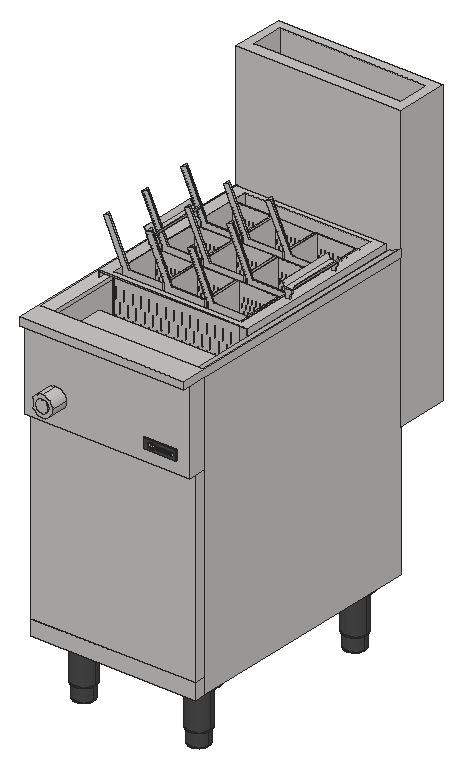
Revit family "RVT_MACOM_CZ71C-AN_AG 12 23 B", category Specialty Equipment, Revit 2020 (continued)
Definition of nested family "LOGOTIPO MACON"
  Forms (mm)
    Extrusion 3, solid
      sketch origin (24.652, 4.488, 0.011) x (-1, 0, 0) y (0, -0.000061, -1)
        loop
          line (51.28, -9.173) -> (49.828, -17.406)
          arc (49.828, -17.406) -> (53.465, -13.803) -> (51.28, -9.173) r 4.434
        loop
          arc (48.733, -7.616) -> (47.997, -7.316) -> (47.203, -7.346) r 1.888
          line (47.203, -7.346) -> (45.757, -15.549)
          arc (45.757, -15.549) -> (46.402, -15.886) -> (47.047, -15.549) r 0.786
          line (47.047, -15.549) -> (48.733, -7.616)
        loop
          arc (44.32, -6.837) -> (43.579, -6.926) -> (42.893, -7.22) r 2.628
          line (42.893, -7.22) -> (41.1, -15.655)
          arc (41.1, -15.655) -> (41.933, -16) -> (42.765, -15.655) r 1.178
          line (42.765, -15.655) -> (44.32, -6.837)
        loop
          arc (39.538, -8.212) -> (36.053, -11.76) -> (38.114, -16.286) r 4.392
          line (38.114, -16.286) -> (39.538, -8.212)
        loop
          spline (55.059, -12.773) -> (54.705, -11.079) -> (53.667, -9.501) -> (52.017, -8.146) -> (49.866, -7.106) -> (47.361, -6.452) -> (44.673, -6.229) -> (41.985, -6.452) -> (39.48, -7.106) -> (37.329, -8.146) -> (35.678, -9.501) -> (34.641, -11.079) -> (34.287, -12.773)
          spline (34.287, -12.773) -> (34.641, -14.466) -> (35.678, -16.045) -> (37.329, -17.4) -> (39.48, -18.44) -> (41.985, -19.094) -> (44.673, -19.317) -> (47.361, -19.094) -> (49.866, -18.44) -> (52.017, -17.4) -> (53.667, -16.045) -> (54.705, -14.466) -> (55.059, -12.773)
      from 6.289 to 6.977
  Dimensions and locks
    aligned and locked: level to plane 2
Definition of nested family "CESTO_MENOR_COZEDOR"
  Parameters
    Default Elevation = 0.000 mm
  Reference planes
    plane 1 "Center (Front/Back)": y = 0
    plane 2: z = 0
    plane 3 "Center (Left/Right)": x = 0
    plane 4: x = -50.5
  Forms (mm)
    Extrusion 1, solid
      sketch origin (0, 0, 0) x (1, 0, 0) y (0, 1, 0)
        loop
          line (-49, 49) -> (-49, -49) -> (49, -49) -> (49, 49) -> (-49, 49)
        loop
          line (-47.5, 47.5) -> (-47.5, -47.5) -> (47.5, -47.5) -> (47.5, 47.5) -> (-47.5, 47.5)
      from 0 to 187
    Extrusion 2, solid
      sketch origin (0, 0, 0) x (0, 1, 0) y (0, 0, 1)
        loop
          line (-47.5, 0) -> (47.5, 0) -> (47.5, 1.5) -> (-47.5, 1.5) -> (-47.5, 0)
      from -47.5 to 47.5
    Extrusion 3, solid
      sketch origin (-100.479, -49, -43.337) x (0.906308, 0, 0.422618) y (0, 1, 0)
        loop
          line (144, 0) -> (159, 0) -> (159, 1.5) -> (145.5, 1.5) -> (145.5, 15.75) -> (144, 15.75) -> (144, 0)
      from 187 to 295.558
    Extrusion 4, solid
      sketch origin (0, 0, 0) x (1, 0, 0) y (0, 0, 1)
        loop
          line (-49, 187) -> (-32.449, 187) -> (-35.405, 193.339) -> (-49, 187)
      from 47.5 to 49
    Extrusion 5, void
      sketch origin (0, 0, 0) x (1, 0, 0) y (0, 0, 1)
        loop
          line (-40.5, 11.5) -> (-40.5, 21.5) -> (-42.5, 21.5) -> (-42.5, 11.5) -> (-40.5, 11.5)
        loop
          line (-30.5, 21.5) -> (-32.5, 21.5) -> (-32.5, 11.5) -> (-30.5, 11.5) -> (-30.5, 21.5)
        loop
          line (-20.5, 21.5) -> (-22.5, 21.5) -> (-22.5, 11.5) -> (-20.5, 11.5) -> (-20.5, 21.5)
        loop
          line (-10.5, 11.5) -> (-10.5, 21.5) -> (-12.5, 21.5) -> (-12.5, 11.5) -> (-10.5, 11.5)
        loop
          line (-0.5, 21.5) -> (-2.5, 21.5) -> (-2.5, 11.5) -> (-0.5, 11.5) -> (-0.5, 21.5)
        loop
          line (9.5, 21.5) -> (7.5, 21.5) -> (7.5, 11.5) -> (9.5, 11.5) -> (9.5, 21.5)
        loop
          line (19.5, 11.5) -> (19.5, 21.5) -> (17.5, 21.5) -> (17.5, 11.5) -> (19.5, 11.5)
        loop
          line (29.5, 21.5) -> (27.5, 21.5) -> (27.5, 11.5) -> (29.5, 11.5) -> (29.5, 21.5)
        loop
          line (39.5, 21.5) -> (37.5, 21.5) -> (37.5, 11.5) -> (39.5, 11.5) -> (39.5, 21.5)
        loop
          line (-35.5, 26.5) -> (-35.5, 36.5) -> (-37.5, 36.5) -> (-37.5, 26.5) -> (-35.5, 26.5)
        loop
          line (-25.5, 36.5) -> (-27.5, 36.5) -> (-27.5, 26.5) -> (-25.5, 26.5) -> (-25.5, 36.5)
        loop
          line (-15.5, 36.5) -> (-17.5, 36.5) -> (-17.5, 26.5) -> (-15.5, 26.5) -> (-15.5, 36.5)
        loop
          line (-5.5, 26.5) -> (-5.5, 36.5) -> (-7.5, 36.5) -> (-7.5, 26.5) -> (-5.5, 26.5)
        loop
          line (4.5, 36.5) -> (2.5, 36.5) -> (2.5, 26.5) -> (4.5, 26.5) -> (4.5, 36.5)
        loop
          line (14.5, 36.5) -> (12.5, 36.5) -> (12.5, 26.5) -> (14.5, 26.5) -> (14.5, 36.5)
        loop
          line (24.5, 26.5) -> (24.5, 36.5) -> (22.5, 36.5) -> (22.5, 26.5) -> (24.5, 26.5)
        loop
          line (34.5, 36.5) -> (32.5, 36.5) -> (32.5, 26.5) -> (34.5, 26.5) -> (34.5, 36.5)
        loop
          line (44.5, 36.5) -> (42.5, 36.5) -> (42.5, 26.5) -> (44.5, 26.5) -> (44.5, 36.5)
        loop
          line (-40.5, 41.5) -> (-40.5, 51.5) -> (-42.5, 51.5) -> (-42.5, 41.5) -> (-40.5, 41.5)
        loop
          line (-30.5, 51.5) -> (-32.5, 51.5) -> (-32.5, 41.5) -> (-30.5, 41.5) -> (-30.5, 51.5)
        loop
          line (-20.5, 51.5) -> (-22.5, 51.5) -> (-22.5, 41.5) -> (-20.5, 41.5) -> (-20.5, 51.5)
        loop
          line (-10.5, 41.5) -> (-10.5, 51.5) -> (-12.5, 51.5) -> (-12.5, 41.5) -> (-10.5, 41.5)
        loop
          line (-0.5, 51.5) -> (-2.5, 51.5) -> (-2.5, 41.5) -> (-0.5, 41.5) -> (-0.5, 51.5)
        loop
          line (9.5, 51.5) -> (7.5, 51.5) -> (7.5, 41.5) -> (9.5, 41.5) -> (9.5, 51.5)
        loop
          line (19.5, 41.5) -> (19.5, 51.5) -> (17.5, 51.5) -> (17.5, 41.5) -> (19.5, 41.5)
        loop
          line (29.5, 51.5) -> (27.5, 51.5) -> (27.5, 41.5) -> (29.5, 41.5) -> (29.5, 51.5)
        loop
          line (39.5, 51.5) -> (37.5, 51.5) -> (37.5, 41.5) -> (39.5, 41.5) -> (39.5, 51.5)
        loop
          line (-35.5, 56.5) -> (-35.5, 66.5) -> (-37.5, 66.5) -> (-37.5, 56.5) -> (-35.5, 56.5)
        loop
          line (-25.5, 66.5) -> (-27.5, 66.5) -> (-27.5, 56.5) -> (-25.5, 56.5) -> (-25.5, 66.5)
        loop
          line (-15.5, 66.5) -> (-17.5, 66.5) -> (-17.5, 56.5) -> (-15.5, 56.5) -> (-15.5, 66.5)
        loop
          line (-5.5, 56.5) -> (-5.5, 66.5) -> (-7.5, 66.5) -> (-7.5, 56.5) -> (-5.5, 56.5)
        loop
          line (4.5, 66.5) -> (2.5, 66.5) -> (2.5, 56.5) -> (4.5, 56.5) -> (4.5, 66.5)
        loop
          line (14.5, 66.5) -> (12.5, 66.5) -> (12.5, 56.5) -> (14.5, 56.5) -> (14.5, 66.5)
        loop
          line (24.5, 56.5) -> (24.5, 66.5) -> (22.5, 66.5) -> (22.5, 56.5) -> (24.5, 56.5)
        loop
          line (34.5, 66.5) -> (32.5, 66.5) -> (32.5, 56.5) -> (34.5, 56.5) -> (34.5, 66.5)
        loop
          line (44.5, 66.5) -> (42.5, 66.5) -> (42.5, 56.5) -> (44.5, 56.5) -> (44.5, 66.5)
        loop
          line (-40.5, 71.5) -> (-40.5, 81.5) -> (-42.5, 81.5) -> (-42.5, 71.5) -> (-40.5, 71.5)
        loop
          line (-30.5, 81.5) -> (-32.5, 81.5) -> (-32.5, 71.5) -> (-30.5, 71.5) -> (-30.5, 81.5)
        loop
          line (-20.5, 81.5) -> (-22.5, 81.5) -> (-22.5, 71.5) -> (-20.5, 71.5) -> (-20.5, 81.5)
        loop
          line (-10.5, 71.5) -> (-10.5, 81.5) -> (-12.5, 81.5) -> (-12.5, 71.5) -> (-10.5, 71.5)
        loop
          line (-0.5, 81.5) -> (-2.5, 81.5) -> (-2.5, 71.5) -> (-0.5, 71.5) -> (-0.5, 81.5)
        loop
          line (9.5, 81.5) -> (7.5, 81.5) -> (7.5, 71.5) -> (9.5, 71.5) -> (9.5, 81.5)
        loop
          line (19.5, 71.5) -> (19.5, 81.5) -> (17.5, 81.5) -> (17.5, 71.5) -> (19.5, 71.5)
        loop
          line (29.5, 81.5) -> (27.5, 81.5) -> (27.5, 71.5) -> (29.5, 71.5) -> (29.5, 81.5)
        loop
          line (39.5, 81.5) -> (37.5, 81.5) -> (37.5, 71.5) -> (39.5, 71.5) -> (39.5, 81.5)
        loop
          line (-35.5, 86.5) -> (-35.5, 96.5) -> (-37.5, 96.5) -> (-37.5, 86.5) -> (-35.5, 86.5)
        loop
          line (-25.5, 96.5) -> (-27.5, 96.5) -> (-27.5, 86.5) -> (-25.5, 86.5) -> (-25.5, 96.5)
        loop
          line (-15.5, 96.5) -> (-17.5, 96.5) -> (-17.5, 86.5) -> (-15.5, 86.5) -> (-15.5, 96.5)
        loop
          line (-5.5, 86.5) -> (-5.5, 96.5) -> (-7.5, 96.5) -> (-7.5, 86.5) -> (-5.5, 86.5)
        loop
          line (4.5, 96.5) -> (2.5, 96.5) -> (2.5, 86.5) -> (4.5, 86.5) -> (4.5, 96.5)
        loop
          line (14.5, 96.5) -> (12.5, 96.5) -> (12.5, 86.5) -> (14.5, 86.5) -> (14.5, 96.5)
        loop
          line (24.5, 86.5) -> (24.5, 96.5) -> (22.5, 96.5) -> (22.5, 86.5) -> (24.5, 86.5)
        loop
          line (34.5, 96.5) -> (32.5, 96.5) -> (32.5, 86.5) -> (34.5, 86.5) -> (34.5, 96.5)
        loop
          line (44.5, 96.5) -> (42.5, 96.5) -> (42.5, 86.5) -> (44.5, 86.5) -> (44.5, 96.5)
        loop
          line (-40.5, 101.5) -> (-40.5, 111.5) -> (-42.5, 111.5) -> (-42.5, 101.5) -> (-40.5, 101.5)
        loop
          line (-30.5, 111.5) -> (-32.5, 111.5) -> (-32.5, 101.5) -> (-30.5, 101.5) -> (-30.5, 111.5)
        loop
          line (-20.5, 111.5) -> (-22.5, 111.5) -> (-22.5, 101.5) -> (-20.5, 101.5) -> (-20.5, 111.5)
        loop
          line (-10.5, 101.5) -> (-10.5, 111.5) -> (-12.5, 111.5) -> (-12.5, 101.5) -> (-10.5, 101.5)
        loop
          line (-0.5, 111.5) -> (-2.5, 111.5) -> (-2.5, 101.5) -> (-0.5, 101.5) -> (-0.5, 111.5)
        loop
          line (9.5, 111.5) -> (7.5, 111.5) -> (7.5, 101.5) -> (9.5, 101.5) -> (9.5, 111.5)
        loop
          line (19.5, 101.5) -> (19.5, 111.5) -> (17.5, 111.5) -> (17.5, 101.5) -> (19.5, 101.5)
        loop
          line (29.5, 111.5) -> (27.5, 111.5) -> (27.5, 101.5) -> (29.5, 101.5) -> (29.5, 111.5)
        loop
          line (39.5, 111.5) -> (37.5, 111.5) -> (37.5, 101.5) -> (39.5, 101.5) -> (39.5, 111.5)
        loop
          line (-35.5, 116.5) -> (-35.5, 126.5) -> (-37.5, 126.5) -> (-37.5, 116.5) -> (-35.5, 116.5)
        loop
          line (-25.5, 126.5) -> (-27.5, 126.5) -> (-27.5, 116.5) -> (-25.5, 116.5) -> (-25.5, 126.5)
        loop
          line (-15.5, 126.5) -> (-17.5, 126.5) -> (-17.5, 116.5) -> (-15.5, 116.5) -> (-15.5, 126.5)
        loop
          line (-5.5, 116.5) -> (-5.5, 126.5) -> (-7.5, 126.5) -> (-7.5, 116.5) -> (-5.5, 116.5)
        loop
          line (4.5, 126.5) -> (2.5, 126.5) -> (2.5, 116.5) -> (4.5, 116.5) -> (4.5, 126.5)
        loop
          line (14.5, 126.5) -> (12.5, 126.5) -> (12.5, 116.5) -> (14.5, 116.5) -> (14.5, 126.5)
        loop
          line (24.5, 116.5) -> (24.5, 126.5) -> (22.5, 126.5) -> (22.5, 116.5) -> (24.5, 116.5)
        loop
          line (34.5, 126.5) -> (32.5, 126.5) -> (32.5, 116.5) -> (34.5, 116.5) -> (34.5, 126.5)
        loop
          line (44.5, 126.5) -> (42.5, 126.5) -> (42.5, 116.5) -> (44.5, 116.5) -> (44.5, 126.5)
        loop
          line (-40.5, 131.5) -> (-40.5, 141.5) -> (-42.5, 141.5) -> (-42.5, 131.5) -> (-40.5, 131.5)
        loop
          line (-30.5, 141.5) -> (-32.5, 141.5) -> (-32.5, 131.5) -> (-30.5, 131.5) -> (-30.5, 141.5)
        loop
          line (-20.5, 141.5) -> (-22.5, 141.5) -> (-22.5, 131.5) -> (-20.5, 131.5) -> (-20.5, 141.5)
        loop
          line (-10.5, 131.5) -> (-10.5, 141.5) -> (-12.5, 141.5) -> (-12.5, 131.5) -> (-10.5, 131.5)
        loop
          line (-0.5, 141.5) -> (-2.5, 141.5) -> (-2.5, 131.5) -> (-0.5, 131.5) -> (-0.5, 141.5)
        loop
          line (9.5, 141.5) -> (7.5, 141.5) -> (7.5, 131.5) -> (9.5, 131.5) -> (9.5, 141.5)
        loop
          line (19.5, 131.5) -> (19.5, 141.5) -> (17.5, 141.5) -> (17.5, 131.5) -> (19.5, 131.5)
        loop
          line (29.5, 141.5) -> (27.5, 141.5) -> (27.5, 131.5) -> (29.5, 131.5) -> (29.5, 141.5)
        loop
          line (39.5, 141.5) -> (37.5, 141.5) -> (37.5, 131.5) -> (39.5, 131.5) -> (39.5, 141.5)
        loop
          line (-35.5, 146.5) -> (-35.5, 156.5) -> (-37.5, 156.5) -> (-37.5, 146.5) -> (-35.5, 146.5)
        loop
          line (-25.5, 156.5) -> (-27.5, 156.5) -> (-27.5, 146.5) -> (-25.5, 146.5) -> (-25.5, 156.5)
        loop
          line (-15.5, 156.5) -> (-17.5, 156.5) -> (-17.5, 146.5) -> (-15.5, 146.5) -> (-15.5, 156.5)
        loop
          line (-5.5, 146.5) -> (-5.5, 156.5) -> (-7.5, 156.5) -> (-7.5, 146.5) -> (-5.5, 146.5)
        loop
          line (4.5, 156.5) -> (2.5, 156.5) -> (2.5, 146.5) -> (4.5, 146.5) -> (4.5, 156.5)
        loop
          line (14.5, 156.5) -> (12.5, 156.5) -> (12.5, 146.5) -> (14.5, 146.5) -> (14.5, 156.5)
        loop
          line (24.5, 146.5) -> (24.5, 156.5) -> (22.5, 156.5) -> (22.5, 146.5) -> (24.5, 146.5)
        loop
          line (34.5, 156.5) -> (32.5, 156.5) -> (32.5, 146.5) -> (34.5, 146.5) -> (34.5, 156.5)
        loop
          line (44.5, 156.5) -> (42.5, 156.5) -> (42.5, 146.5) -> (44.5, 146.5) -> (44.5, 156.5)
      from -61.056 to 55.512
    Extrusion 6, void
      sketch origin (0, 0, 0) x (0, 1, 0) y (0, 0, 1)
        loop
          line (42.5, 11.5) -> (44.5, 11.5) -> (44.5, 21.5) -> (42.5, 21.5) -> (42.5, 11.5)
        loop
          line (32.5, 21.5) -> (32.5, 11.5) -> (34.5, 11.5) -> (34.5, 21.5) -> (32.5, 21.5)
        loop
          line (22.5, 21.5) -> (22.5, 11.5) -> (24.5, 11.5) -> (24.5, 21.5) -> (22.5, 21.5)
        loop
          line (12.5, 11.5) -> (14.5, 11.5) -> (14.5, 21.5) -> (12.5, 21.5) -> (12.5, 11.5)
        loop
          line (2.5, 21.5) -> (2.5, 11.5) -> (4.5, 11.5) -> (4.5, 21.5) -> (2.5, 21.5)
        loop
          line (-7.5, 21.5) -> (-7.5, 11.5) -> (-5.5, 11.5) -> (-5.5, 21.5) -> (-7.5, 21.5)
        loop
          line (-17.5, 11.5) -> (-15.5, 11.5) -> (-15.5, 21.5) -> (-17.5, 21.5) -> (-17.5, 11.5)
        loop
          line (-27.5, 21.5) -> (-27.5, 11.5) -> (-25.5, 11.5) -> (-25.5, 21.5) -> (-27.5, 21.5)
        loop
          line (-37.5, 21.5) -> (-37.5, 11.5) -> (-35.5, 11.5) -> (-35.5, 21.5) -> (-37.5, 21.5)
        loop
          line (37.5, 26.5) -> (39.5, 26.5) -> (39.5, 36.5) -> (37.5, 36.5) -> (37.5, 26.5)
        loop
          line (27.5, 36.5) -> (27.5, 26.5) -> (29.5, 26.5) -> (29.5, 36.5) -> (27.5, 36.5)
        loop
          line (17.5, 36.5) -> (17.5, 26.5) -> (19.5, 26.5) -> (19.5, 36.5) -> (17.5, 36.5)
        loop
          line (7.5, 26.5) -> (9.5, 26.5) -> (9.5, 36.5) -> (7.5, 36.5) -> (7.5, 26.5)
        loop
          line (-2.5, 36.5) -> (-2.5, 26.5) -> (-0.5, 26.5) -> (-0.5, 36.5) -> (-2.5, 36.5)
        loop
          line (-12.5, 36.5) -> (-12.5, 26.5) -> (-10.5, 26.5) -> (-10.5, 36.5) -> (-12.5, 36.5)
        loop
          line (-22.5, 26.5) -> (-20.5, 26.5) -> (-20.5, 36.5) -> (-22.5, 36.5) -> (-22.5, 26.5)
        loop
          line (-32.5, 36.5) -> (-32.5, 26.5) -> (-30.5, 26.5) -> (-30.5, 36.5) -> (-32.5, 36.5)
        loop
          line (-42.5, 36.5) -> (-42.5, 26.5) -> (-40.5, 26.5) -> (-40.5, 36.5) -> (-42.5, 36.5)
        loop
          line (42.5, 41.5) -> (44.5, 41.5) -> (44.5, 51.5) -> (42.5, 51.5) -> (42.5, 41.5)
        loop
          line (32.5, 51.5) -> (32.5, 41.5) -> (34.5, 41.5) -> (34.5, 51.5) -> (32.5, 51.5)
        loop
          line (22.5, 51.5) -> (22.5, 41.5) -> (24.5, 41.5) -> (24.5, 51.5) -> (22.5, 51.5)
        loop
          line (12.5, 41.5) -> (14.5, 41.5) -> (14.5, 51.5) -> (12.5, 51.5) -> (12.5, 41.5)
        loop
          line (2.5, 51.5) -> (2.5, 41.5) -> (4.5, 41.5) -> (4.5, 51.5) -> (2.5, 51.5)
        loop
          line (-7.5, 51.5) -> (-7.5, 41.5) -> (-5.5, 41.5) -> (-5.5, 51.5) -> (-7.5, 51.5)
        loop
          line (-17.5, 41.5) -> (-15.5, 41.5) -> (-15.5, 51.5) -> (-17.5, 51.5) -> (-17.5, 41.5)
        loop
          line (-27.5, 51.5) -> (-27.5, 41.5) -> (-25.5, 41.5) -> (-25.5, 51.5) -> (-27.5, 51.5)
        loop
          line (-37.5, 51.5) -> (-37.5, 41.5) -> (-35.5, 41.5) -> (-35.5, 51.5) -> (-37.5, 51.5)
        loop
          line (37.5, 56.5) -> (39.5, 56.5) -> (39.5, 66.5) -> (37.5, 66.5) -> (37.5, 56.5)
        loop
          line (27.5, 66.5) -> (27.5, 56.5) -> (29.5, 56.5) -> (29.5, 66.5) -> (27.5, 66.5)
        loop
          line (17.5, 66.5) -> (17.5, 56.5) -> (19.5, 56.5) -> (19.5, 66.5) -> (17.5, 66.5)
        loop
          line (7.5, 56.5) -> (9.5, 56.5) -> (9.5, 66.5) -> (7.5, 66.5) -> (7.5, 56.5)
        loop
          line (-2.5, 66.5) -> (-2.5, 56.5) -> (-0.5, 56.5) -> (-0.5, 66.5) -> (-2.5, 66.5)
        loop
          line (-12.5, 66.5) -> (-12.5, 56.5) -> (-10.5, 56.5) -> (-10.5, 66.5) -> (-12.5, 66.5)
        loop
          line (-22.5, 56.5) -> (-20.5, 56.5) -> (-20.5, 66.5) -> (-22.5, 66.5) -> (-22.5, 56.5)
        loop
          line (-32.5, 66.5) -> (-32.5, 56.5) -> (-30.5, 56.5) -> (-30.5, 66.5) -> (-32.5, 66.5)
        loop
          line (-42.5, 66.5) -> (-42.5, 56.5) -> (-40.5, 56.5) -> (-40.5, 66.5) -> (-42.5, 66.5)
        loop
          line (42.5, 71.5) -> (44.5, 71.5) -> (44.5, 81.5) -> (42.5, 81.5) -> (42.5, 71.5)
        loop
          line (32.5, 81.5) -> (32.5, 71.5) -> (34.5, 71.5) -> (34.5, 81.5) -> (32.5, 81.5)
        loop
          line (22.5, 81.5) -> (22.5, 71.5) -> (24.5, 71.5) -> (24.5, 81.5) -> (22.5, 81.5)
        loop
          line (12.5, 71.5) -> (14.5, 71.5) -> (14.5, 81.5) -> (12.5, 81.5) -> (12.5, 71.5)
        loop
          line (2.5, 81.5) -> (2.5, 71.5) -> (4.5, 71.5) -> (4.5, 81.5) -> (2.5, 81.5)
        loop
          line (-7.5, 81.5) -> (-7.5, 71.5) -> (-5.5, 71.5) -> (-5.5, 81.5) -> (-7.5, 81.5)
        loop
          line (-17.5, 71.5) -> (-15.5, 71.5) -> (-15.5, 81.5) -> (-17.5, 81.5) -> (-17.5, 71.5)
        loop
          line (-27.5, 81.5) -> (-27.5, 71.5) -> (-25.5, 71.5) -> (-25.5, 81.5) -> (-27.5, 81.5)
        loop
          line (-37.5, 81.5) -> (-37.5, 71.5) -> (-35.5, 71.5) -> (-35.5, 81.5) -> (-37.5, 81.5)
        loop
          line (37.5, 86.5) -> (39.5, 86.5) -> (39.5, 96.5) -> (37.5, 96.5) -> (37.5, 86.5)
        loop
          line (27.5, 96.5) -> (27.5, 86.5) -> (29.5, 86.5) -> (29.5, 96.5) -> (27.5, 96.5)
        loop
          line (17.5, 96.5) -> (17.5, 86.5) -> (19.5, 86.5) -> (19.5, 96.5) -> (17.5, 96.5)
        loop
          line (7.5, 86.5) -> (9.5, 86.5) -> (9.5, 96.5) -> (7.5, 96.5) -> (7.5, 86.5)
        loop
          line (-2.5, 96.5) -> (-2.5, 86.5) -> (-0.5, 86.5) -> (-0.5, 96.5) -> (-2.5, 96.5)
        loop
          line (-12.5, 96.5) -> (-12.5, 86.5) -> (-10.5, 86.5) -> (-10.5, 96.5) -> (-12.5, 96.5)
        loop
          line (-22.5, 86.5) -> (-20.5, 86.5) -> (-20.5, 96.5) -> (-22.5, 96.5) -> (-22.5, 86.5)
        loop
          line (-32.5, 96.5) -> (-32.5, 86.5) -> (-30.5, 86.5) -> (-30.5, 96.5) -> (-32.5, 96.5)
        loop
          line (-42.5, 96.5) -> (-42.5, 86.5) -> (-40.5, 86.5) -> (-40.5, 96.5) -> (-42.5, 96.5)
        loop
          line (42.5, 101.5) -> (44.5, 101.5) -> (44.5, 111.5) -> (42.5, 111.5) -> (42.5, 101.5)
        loop
          line (32.5, 111.5) -> (32.5, 101.5) -> (34.5, 101.5) -> (34.5, 111.5) -> (32.5, 111.5)
        loop
          line (22.5, 111.5) -> (22.5, 101.5) -> (24.5, 101.5) -> (24.5, 111.5) -> (22.5, 111.5)
        loop
          line (12.5, 101.5) -> (14.5, 101.5) -> (14.5, 111.5) -> (12.5, 111.5) -> (12.5, 101.5)
        loop
          line (2.5, 111.5) -> (2.5, 101.5) -> (4.5, 101.5) -> (4.5, 111.5) -> (2.5, 111.5)
        loop
          line (-7.5, 111.5) -> (-7.5, 101.5) -> (-5.5, 101.5) -> (-5.5, 111.5) -> (-7.5, 111.5)
        loop
          line (-17.5, 101.5) -> (-15.5, 101.5) -> (-15.5, 111.5) -> (-17.5, 111.5) -> (-17.5, 101.5)
        loop
          line (-27.5, 111.5) -> (-27.5, 101.5) -> (-25.5, 101.5) -> (-25.5, 111.5) -> (-27.5, 111.5)
        loop
          line (-37.5, 111.5) -> (-37.5, 101.5) -> (-35.5, 101.5) -> (-35.5, 111.5) -> (-37.5, 111.5)
        loop
          line (37.5, 116.5) -> (39.5, 116.5) -> (39.5, 126.5) -> (37.5, 126.5) -> (37.5, 116.5)
        loop
          line (27.5, 126.5) -> (27.5, 116.5) -> (29.5, 116.5) -> (29.5, 126.5) -> (27.5, 126.5)
        loop
          line (17.5, 126.5) -> (17.5, 116.5) -> (19.5, 116.5) -> (19.5, 126.5) -> (17.5, 126.5)
        loop
          line (7.5, 116.5) -> (9.5, 116.5) -> (9.5, 126.5) -> (7.5, 126.5) -> (7.5, 116.5)
        loop
          line (-2.5, 126.5) -> (-2.5, 116.5) -> (-0.5, 116.5) -> (-0.5, 126.5) -> (-2.5, 126.5)
        loop
          line (-12.5, 126.5) -> (-12.5, 116.5) -> (-10.5, 116.5) -> (-10.5, 126.5) -> (-12.5, 126.5)
        loop
          line (-22.5, 116.5) -> (-20.5, 116.5) -> (-20.5, 126.5) -> (-22.5, 126.5) -> (-22.5, 116.5)
        loop
          line (-32.5, 126.5) -> (-32.5, 116.5) -> (-30.5, 116.5) -> (-30.5, 126.5) -> (-32.5, 126.5)
        loop
          line (-42.5, 126.5) -> (-42.5, 116.5) -> (-40.5, 116.5) -> (-40.5, 126.5) -> (-42.5, 126.5)
        loop
          line (42.5, 131.5) -> (44.5, 131.5) -> (44.5, 141.5) -> (42.5, 141.5) -> (42.5, 131.5)
        loop
          line (32.5, 141.5) -> (32.5, 131.5) -> (34.5, 131.5) -> (34.5, 141.5) -> (32.5, 141.5)
        loop
          line (22.5, 141.5) -> (22.5, 131.5) -> (24.5, 131.5) -> (24.5, 141.5) -> (22.5, 141.5)
        loop
          line (12.5, 131.5) -> (14.5, 131.5) -> (14.5, 141.5) -> (12.5, 141.5) -> (12.5, 131.5)
        loop
          line (2.5, 141.5) -> (2.5, 131.5) -> (4.5, 131.5) -> (4.5, 141.5) -> (2.5, 141.5)
        loop
          line (-7.5, 141.5) -> (-7.5, 131.5) -> (-5.5, 131.5) -> (-5.5, 141.5) -> (-7.5, 141.5)
        loop
          line (-17.5, 131.5) -> (-15.5, 131.5) -> (-15.5, 141.5) -> (-17.5, 141.5) -> (-17.5, 131.5)
        loop
          line (-27.5, 141.5) -> (-27.5, 131.5) -> (-25.5, 131.5) -> (-25.5, 141.5) -> (-27.5, 141.5)
        loop
          line (-37.5, 141.5) -> (-37.5, 131.5) -> (-35.5, 131.5) -> (-35.5, 141.5) -> (-37.5, 141.5)
        loop
          line (37.5, 146.5) -> (39.5, 146.5) -> (39.5, 156.5) -> (37.5, 156.5) -> (37.5, 146.5)
        loop
          line (27.5, 156.5) -> (27.5, 146.5) -> (29.5, 146.5) -> (29.5, 156.5) -> (27.5, 156.5)
        loop
          line (17.5, 156.5) -> (17.5, 146.5) -> (19.5, 146.5) -> (19.5, 156.5) -> (17.5, 156.5)
        loop
          line (7.5, 146.5) -> (9.5, 146.5) -> (9.5, 156.5) -> (7.5, 156.5) -> (7.5, 146.5)
        loop
          line (-2.5, 156.5) -> (-2.5, 146.5) -> (-0.5, 146.5) -> (-0.5, 156.5) -> (-2.5, 156.5)
        loop
          line (-12.5, 156.5) -> (-12.5, 146.5) -> (-10.5, 146.5) -> (-10.5, 156.5) -> (-12.5, 156.5)
        loop
          line (-22.5, 146.5) -> (-20.5, 146.5) -> (-20.5, 156.5) -> (-22.5, 156.5) -> (-22.5, 146.5)
        loop
          line (-32.5, 156.5) -> (-32.5, 146.5) -> (-30.5, 146.5) -> (-30.5, 156.5) -> (-32.5, 156.5)
        loop
          line (-42.5, 156.5) -> (-42.5, 146.5) -> (-40.5, 146.5) -> (-40.5, 156.5) -> (-42.5, 156.5)
      from -110.9 to 250
  Cuts and joins
    Extrusion 5, Extrusion 6 cuts Extrusion 1
    joined: Extrusion 1, Extrusion 2, Extrusion 3, Extrusion 4
  Dimensions and locks
    aligned and locked: level to plane 2
Definition of nested family "PE_FORNO"
  Parameters
    Default Elevation = 0.000 mm
  Reference planes
    plane 1 "Center (Front/Back)": y = 0
    plane 2: z = 0
    plane 3 "Center (Left/Right)": x = 0
  Forms (mm)
    Revolve 1, solid
      sketch origin (0, 0, 0) x (1, 0, 0) y (0, 0, 1)
        loop
          arc (-25, 3) -> (-24.121, 0.879) -> (-22, 0) r 3
          line (-22, 0) -> (0, 0) -> (0, 150) -> (-49, 150) -> (-49, 139)
          arc (-49, 139) -> (-48.414, 137.586) -> (-47, 137) r 2
          line (-47, 137) -> (-38, 137)
          arc (-38, 137) -> (-31.636, 134.364) -> (-29, 128) r 9
          line (-29, 128) -> (-29, 38)
          arc (-29, 38) -> (-28.121, 35.879) -> (-26, 35) r 3
          line (-26, 35) -> (-25, 35) -> (-25, 3)
        axis (0, 150) -> (0, 0)
      angle from 0 to 360
  Dimensions and locks
    aligned and locked: level to plane 2
Types (3, lengths in mm): name | Weight | Model | Gas Pressure | Gas Input GN | Gas Input GLP | Gas Consumption GN | Gas Consumption GLP
  (no name) | 56.00 kg | "CZC1-AG" | 0.0285 bar | "" | 41028 Btu/h | 0 m³/h | "0,9 Kg/h"
  CZC1-AG | 56.00 kg | "CZC1-AG" | 0.0285 bar | "" | 41028 Btu/h | 0 m³/h | "0,9 Kg/h"
  CZC1-AN | 21.00 kg | "CZC1-AN" | 0.022 bar | "10340 Kcal/h" | 0 Btu/h | 1.1 m³/h | ""
